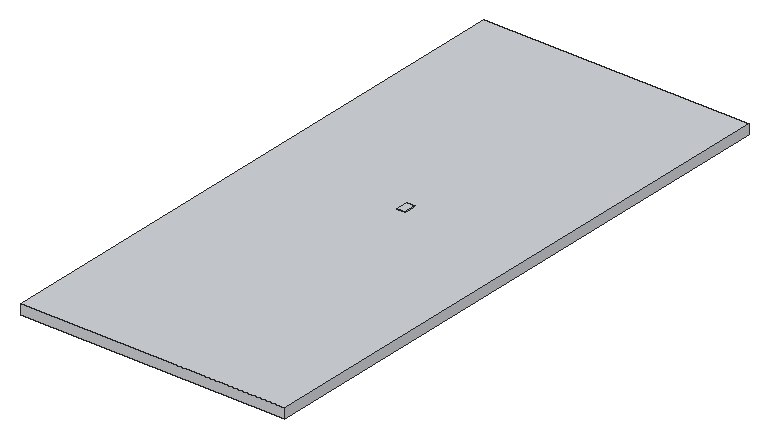
Revit family "M_Rectangular Face Opening Solid", category Generic Models, host Face, Revit 2022
Family settings
  Host = Face
  Can host rebar = No
  Round Connector Dimension = Use Diameter
  Part Type = Normal
  OmniClass Number = 23.30.00.00
  OmniClass Title = Openings, Passages, Protection
  Cut with Voids When Loaded = Yes
  Maintain Annotation Orientation = No
  Shared = No
  Room Calculation Point = No
Parameters (values of type "Rectangular Face Opening")
  isRotated [instance] = no
  h [instance] = 300 mm
  b [instance] = 200 mm
  U.K_#World [instance] = Opening Absolute Level - Height / 2  # -150 mm
  U.K_#Project [instance] = Opening Elevation - Height / 2  # -150 mm
  U.K_#Link [instance] = ##Middle Elevation - Height / 2  # -150 mm
  Slope Shift_Plan [instance] = Width_help / 2  # 100 mm
  Slope Shift_Front_Back [instance] = if(or(Rotate = 90.00°, Rotate = 270.00°), (Width_help - Additional Bottom Cut Offset + Additional Top Cut Offset) / 2, Width / 2)  # 100 mm
  Slope Shift_Left_Right [instance] = if(Slope = 0.00°, if(or(Rotate = 0.00°, Rotate = 180.00°), HT, Height_help / 2), (if(or(Rotate = 90.00°, Rotate = 270.00°), Width / cos(Slope) / 2 - (Depth with Offset * tan(Slope)), Height_help w_o add offsets / cos(Slope) / 2 - (Depth with Offset * tan(Slope)) + if(Additional Top Cut Offset > 0 mm, Additional Top Cut Offset / cos(Slope), 0 mm)))) + (tan(Slope) * Depth with Offset) + if(Rotate = 0.00°, Additional Bottom Cut Offset - Additional Top Cut Offset, 0 mm)  # 150 mm
  Width_help [instance] = if(or(Rotate = 90.00°, Rotate = 270.00°), Height, Width)  # 200 mm
  Subcategory = "Cut Opening"  # constant formula
  Slope_Help [instance] = if(Face Offset_True = 0 mm, 2 mm, 1 mm)  # 2 mm
  Slope [instance] = 0.00°  # constant formula
  Opening Elevation [instance] = 0 mm
  Opening Area [instance] = Width * Height  # 0.06 m²
  Opening Absolute Level [instance] = 0 mm
  MEP - Comment [instance] = ""
  Inspect [instance] = yes
  Height_help w_o add offsets [instance] = if(h > 2 mm, h + 2 * Cut Offset, 2 mm)  # 300 mm
  Width [instance] = if(b > 2 mm, b + 2 * Cut Offset, 2 mm)  # 200 mm
  Top Length [instance] = if(Face Offset_True = 0 mm, if(Lengthen / 1 * tan(Slope_T) < 2 mm, 0 mm, Lengthen / 1 * tan(Slope_T)), 0 mm)  # 0 mm
  Slope_T [instance] = if(and(not(Slope < 0.00°), Slope < 85.00°), Slope, 0.00°)  # 0.00°
  Rotate_T [instance] = -Rotate  # 0.00°
  Rotate [instance] = 0.00°  # constant formula
  Opening Offset Z [instance] = (-(Additional Top Cut Offset - Additional Bottom Cut Offset) / 2) * sin(Rotate)  # 0 mm
  Opening Offset X [instance] = (-(Additional Top Cut Offset - Additional Bottom Cut Offset) / 2) * cos(Rotate)  # 0 mm
  Lengthen [instance] = if(Height > Width, Height, Width)  # 300 mm
  Height_help [instance] = if(or(Rotate = 90.00°, Rotate = 270.00°), Width / cos(Slope), Height / cos(Slope))  # 300 mm
  HT [instance] = (h / 2 + 1 * Cut Offset + Additional Top Cut Offset) / sin(Angle)  # 150 mm
  HB [instance] = (h / 2 + 1 * Cut Offset + Additional Bottom Cut Offset) / sin(Angle)  # 150 mm
  Filled Region = yes
  Lines [instance] = not(Filled Region)  # no
  Face Offset_Positive [instance] = if(Face Offset_True > 0 mm, Face Offset_True, 0 mm)  # 0 mm
  Face Offset_Negative [instance] = if(Face Offset_True < 0 mm, -Face Offset_True, 0 mm)  # 0 mm
  Face Offset_True [instance] = if(Slope = 0.00°, Face Offset, 0 mm)  # 0 mm
  Face Offset [instance] = 0 mm  # constant formula
  Extrude End [instance] = -Depth_True  # -250 mm
  Detail - Yes / No [instance] = no
  Description = ""
  Depth_True [instance] = if(Depth with Offset + Face Offset_True > 2 mm, Depth with Offset + Face Offset_True, 2 mm)  # 250 mm
  Depth with Offset [instance] = Depth + Depth Offset  # 250 mm
  Depth Offset [instance] = 0 mm  # constant formula
  Depth [instance] = 250 mm
  Dashed Outline = yes
  Bottom Length [instance] = if(Depth with Offset > 2 mm, Depth with Offset / sin(Angle), 2 mm) + Lengthen / 1 * tan(Slope_T)  # 250 mm
  Height_True [instance] = Height / sin(Angle)  # 300 mm
  Height [instance] = if(h > 2.032 mm, h + 2 * Cut Offset + Additional Top Cut Offset + Additional Bottom Cut Offset, 2.032 mm)  # 300 mm
  Default Elevation = 0 mm
  Cut Offset [instance] = 0 mm  # constant formula
  BPM_txt2 [instance] = ""
  BPM_txt1 [instance] = ""
  BPM_bool2 [instance] = no
  BPM_bool1 [instance] = no
  Assembly Code = ""
  Angle [instance] = 90.00° - Slope_T  # 90.00°
  Additional Top Cut Offset [instance] = 0 mm  # constant formula
  Additional Bottom Cut Offset [instance] = 0 mm  # constant formula
  ##Reference Level [instance] = ""
  ##Middle Elevation [instance] = 0 mm
Reference planes
  plane 1 "Center (Front/Back)": y = 0
  plane 2: z = 0
  plane 3 "Center (Left/Right)": x = 0
  plane 4: x = -100
  plane 5: x = 100
  plane 6: y = -150
  plane 7: y = 150
  plane 8 "Graphical Elements Movement Help": y = -150
  plane 9 "Graphical Elements Movement Help 2": x = -100
  plane 10 "Face Offset_Negative": z = 0
  plane 11 "Face Offset_Positive": z = 0
  plane 12 "Graphical Elements Movement Help 3": x = 0
Forms (mm)
  Extrusion 1, solid
    sketch origin (0, 0, 0) x (1, 0, 0) y (0, 1, 0)
      loop
        line (-3545.185, 6900) -> (-3545.185, -7832.283) -> (3196.862, -7832.283) -> (3196.862, 6900) -> (-3545.185, 6900)
    from 0 to -250 <- "Extrude End"
  Sweep 2, solid
    path in 3D
      loop
        line (0, 0, -250) -> (0, 0, -2) -> (0, 0, 0)
    profile "Rertangular Profile : Rertangular Profile" origin (0, 0, -1) x (0, -1, 0) y (1, 0, 0)
      loop
        line (-150, 100) -> (-150, -100) -> (150, -100) -> (150, 100) -> (-150, 100)
Lines and regions (mm)
  reference lines
    curve 1: line (0, 0, -2) -> (0, 0, 0)
    curve 2: line (0, 0, -2) -> (0, 0, -250)
  sketch lines
    curve 3: line (0, 0, -2) -> (0, 0, 0)
    curve 4: line (0, 0, -2) -> (0, 0, -250)
Dimensions and locks
  equal spacing: plane 4, plane 3 "Center (Left/Right)", plane 5
  "Width": plane 4 to plane 5
  "Height_True": plane 7 to plane 6
  "Bottom Length": plane 2 to curve 2
  "Top Length": plane 10 "Face Offset_Negative" to curve 1
  "HT": plane 1 "Center (Front/Back)" to plane 7
  "HB": plane 1 "Center (Front/Back)" to plane 6
  plane 1 "Center (Front/Back)" to plane 8 "Graphical Elements Movement Help" = 150 mm
  "Slope Shift_Front_Back": plane 3 "Center (Left/Right)" to plane 9 "Graphical Elements Movement Help 2"
  "Face Offset_Positive": plane 11 "Face Offset_Positive" to plane 2
  "Face Offset_Negative": plane 11 "Face Offset_Positive" to plane 10 "Face Offset_Negative"
  "Slope_Help": plane 10 "Face Offset_Negative" to curve 1
  "Slope Shift_Left_Right": plane 8 "Graphical Elements Movement Help" to plane 1 "Center (Front/Back)"
  "Slope Shift_Plan": plane 9 "Graphical Elements Movement Help 2" to plane 12 "Graphical Elements Movement Help 3"
  "Width_help": plane 9 "Graphical Elements Movement Help 2" to nested 1
  "Width_help": plane 9 "Graphical Elements Movement Help 2" to nested 7
  "Angle": angle curve 2 to level
  "Angle": angle curve 1 to level
  aligned and locked: Extrusion 1 to plane 2
  aligned and locked: Extrusion 1 to level
  aligned and locked: plane 1 "Center (Front/Back)" to curve 2
  aligned and locked: plane 9 "Graphical Elements Movement Help 2" to nested 2
  aligned and locked: plane 9 "Graphical Elements Movement Help 2" to nested 4
  aligned and locked: nested 4 to plane 10 "Face Offset_Negative"
  aligned and locked: nested 2 to plane 10 "Face Offset_Negative"
  aligned and locked: nested 8 to plane 10 "Face Offset_Negative"
  aligned and locked: nested 6 to plane 8 "Graphical Elements Movement Help"
  aligned and locked: nested 6 to plane 10 "Face Offset_Negative"
  aligned and locked: nested 5 to plane 8 "Graphical Elements Movement Help"
  aligned and locked: nested 5 to plane 10 "Face Offset_Negative"
  aligned and locked: nested 9 to plane 8 "Graphical Elements Movement Help"
  aligned and locked: nested 9 to plane 10 "Face Offset_Negative"
  aligned and locked: nested 3 to plane 8 "Graphical Elements Movement Help"
  aligned and locked: plane 9 "Graphical Elements Movement Help 2" to nested 8
  aligned and locked: nested 3 to plane 12 "Graphical Elements Movement Help 3"
  aligned and locked: nested 1 to plane 8 "Graphical Elements Movement Help"
  aligned and locked: nested 7 to plane 8 "Graphical Elements Movement Help"
Automatic sketch dimensions
  Extrusion 1 sketch curve to Extrusion 1 sketch curve = 6742.047 mm
  Extrusion 1 sketch curve to Extrusion 1 sketch curve = 14732.283 mm
Nested families
  nested 1: "Opening Lines - Front" at (100, -150, 0) x (-1, 0, 0) z (0, 0, 1), Width_or_Height <- "Width_help", Depth <- "Height_help", visible <- "Lines", type "Standard"
    with Width_or_Height_True 200 mm, Width_or_Height 200 mm, Test Angle q 60.00°, Test Angle p 135.00°, Side Length 300 mm, Region Visible yes, built-in parameter 1001306 0.65617 (stored number, unit not read), Diagonal q 360.555 mm, Diagonal p 360.555 mm, Depth_True 300 mm, Depth 300 mm, Coeff2 1.5, Coeff1 0.66667, Angle_True 90.00°, Angle 90.00°
  nested 2: "Opening Region - Front" at (-100, 0, 0) x (1, 0, 0) z (0, -1, 0), Width_or_Height <- "Width_help", Depth <- "Depth_True", visible <- "Filled Region", type "Standard"
    with Width_or_Height_True 200 mm, Width_or_Height 200 mm, Test Angle q 72.00°, Test Angle p 112.50°, Side Length 250 mm, Region Visible yes, built-in parameter 1001306 0.65617 (stored number, unit not read), Diagonal q 320.156 mm, Diagonal p 320.156 mm, Depth_True 250 mm, Depth 250 mm, Coeff2 1.25, Coeff1 0.8, Angle_True 90.00°, Angle 90.00°
  nested 3: "Opening Region - Plan" at (0, -150, 0) x (-1, 0, 0) z (0, 0, 1), Width <- "Width_help", Depth_Height <- "Height_help", visible <- "Filled Region", type "Standard"
    with Width 200 mm, Depth_Height 300 mm, Depth_4 50 mm, Depth_2 100 mm
  nested 4: "Opening Lines - Front" at (-100, 0, 0) x (1, 0, 0) z (0, -1, 0), Width_or_Height <- "Width_help", Depth <- "Depth_True", visible <- "Lines", type "Standard"
    with Width_or_Height_True 200 mm, Width_or_Height 200 mm, Test Angle q 72.00°, Test Angle p 112.50°, Side Length 250 mm, Region Visible yes, built-in parameter 1001306 0.65617 (stored number, unit not read), Diagonal q 320.156 mm, Diagonal p 320.156 mm, Depth_True 250 mm, Depth 250 mm, Coeff2 1.25, Coeff1 0.8, Angle_True 90.00°, Angle 90.00°
  nested 5: "Opening Region - Front" at (0, -150, 0) x (0, 1, 0) z (1, 0, 0), Width_or_Height <- "Height_help", Depth <- "Depth_True", Angle <- "Angle", visible <- "Filled Region", type "Standard"
    with Width_or_Height_True 300 mm, Width_or_Height 300 mm, Test Angle q 108.00°, Test Angle p 75.00°, Side Length 250 mm, Region Visible yes, built-in parameter 1001306 0.98425 (stored number, unit not read), Diagonal q 390.512 mm, Diagonal p 390.512 mm, Depth_True 250 mm, Depth 250 mm, Coeff2 0.83333, Coeff1 1.2, Angle_True 90.00°, Angle 90.00°
  nested 6: "Opening Lines - Front" at (0, -150, 0) x (0, 1, 0) z (1, 0, 0), Width_or_Height <- "Height_help", Depth <- "Depth_True", Angle <- "Angle", visible <- "Lines", type "Standard"
    with Width_or_Height_True 300 mm, Width_or_Height 300 mm, Test Angle q 108.00°, Test Angle p 75.00°, Side Length 250 mm, Region Visible yes, built-in parameter 1001306 0.98425 (stored number, unit not read), Diagonal q 390.512 mm, Diagonal p 390.512 mm, Depth_True 250 mm, Depth 250 mm, Coeff2 0.83333, Coeff1 1.2, Angle_True 90.00°, Angle 90.00°
  nested 7: "Opening Outlines - Front" at (100, -150, 0) x (-1, 0, 0) z (0, 0, 1), Width_or_Height <- "Width_help", Depth <- "Height_help", visible <- "Dashed Outline", type "Standard"
    with Width_or_Height_True 200 mm, Width_or_Height 200 mm, Test Angle q 60.00°, Test Angle p 135.00°, Side Length 300 mm, Region Visible yes, built-in parameter 1001306 0.65617 (stored number, unit not read), Diagonal q 360.555 mm, Diagonal p 360.555 mm, Depth_True 300 mm, Depth 300 mm, Coeff2 1.5, Coeff1 0.66667, Angle_True 90.00°, Angle 90.00°
  nested 8: "Opening Outlines - Front" at (-100, 0, 0) x (1, 0, 0) z (0, -1, 0), Width_or_Height <- "Width_help", Depth <- "Depth_True", visible <- "Dashed Outline", type "Standard"
    with Width_or_Height_True 200 mm, Width_or_Height 200 mm, Test Angle q 72.00°, Test Angle p 112.50°, Side Length 250 mm, Region Visible yes, built-in parameter 1001306 0.65617 (stored number, unit not read), Diagonal q 320.156 mm, Diagonal p 320.156 mm, Depth_True 250 mm, Depth 250 mm, Coeff2 1.25, Coeff1 0.8, Angle_True 90.00°, Angle 90.00°
  nested 9: "Opening Outlines - Front" at (0, -150, 0) x (0, 1, 0) z (1, 0, 0), Width_or_Height <- "Height_help", Depth <- "Depth_True", Angle <- "Angle", visible <- "Dashed Outline", type "Standard"
    with Width_or_Height_True 300 mm, Width_or_Height 300 mm, Test Angle q 108.00°, Test Angle p 75.00°, Side Length 250 mm, Region Visible yes, built-in parameter 1001306 0.98425 (stored number, unit not read), Diagonal q 390.512 mm, Diagonal p 390.512 mm, Depth_True 250 mm, Depth 250 mm, Coeff2 0.83333, Coeff1 1.2, Angle_True 90.00°, Angle 90.00°
Definition of nested family "Opening Lines - Front"
  Parameters (values of type "Standard")
    Width_or_Height_True [instance] = if(Width_or_Height < 2 mm, 2 mm, if(or(0.5 * Diagonal q < 1 mm, 0.5 * Diagonal q < 1 mm), 2 mm, Width_or_Height))  # 15000 mm
    Width_or_Height [instance] = 15000 mm
    Test Angle q [instance] = Coeff1 * Angle  # 2700.00°
    Test Angle p [instance] = Coeff2 * Angle  # 3.00°
    Side Length [instance] = Depth / sin(Angle)  # 500 mm
    Region Visible [instance] = if(Angle < 20.00°, 1 = 0, if(or(Test Angle q < 3.00°, Test Angle p < 3.00°), 1 = 0, if(or(Width_or_Height < 2 mm, Depth < 2 mm), 1 = 0, if(or(0.5 * Diagonal q < 1 mm, 0.5 * Diagonal q < 1 mm), 1 = 0, 1 = 1))))  # yes
    built-in parameter 1001306 [instance] = Width_or_Height_True  # 49.213 (stored number, unit not read)
    Diagonal q [instance] = if(Angle < 90.00°, sqrt(Side Length ^ 2 + Width_or_Height ^ 2 + 2 * Width_or_Height * Side Length * cos(Angle)), sqrt(Side Length ^ 2 + Width_or_Height ^ 2 - 2 * Width_or_Height * Side Length * cos(Angle)))  # 15008.331 mm
    Diagonal p [instance] = if(Angle < 90.00°, sqrt(Side Length ^ 2 + Width_or_Height ^ 2 - 2 * Width_or_Height * Side Length * cos(Angle)), sqrt(Side Length ^ 2 + Width_or_Height ^ 2 + 2 * Width_or_Height * Side Length * cos(Angle)))  # 15008.331 mm
    Depth_True [instance] = if(or(Test Angle q < 2.00°, Test Angle p < 2.00°), Width_or_Height, if(Depth < 2 mm, 2 mm, if(or(0.5 * Diagonal q < 1 mm, 0.5 * Diagonal q < 1 mm), Width_or_Height_True, Depth)))  # 500 mm
    Depth [instance] = 500 mm
    Coeff2 [instance] = Depth / Width_or_Height  # 0.033333
    Coeff1 [instance] = Width_or_Height / Depth  # 30
    Angle_True [instance] = if(Angle < 20.00°, 90.00°, if(or(Test Angle q < 3.00°, Test Angle p < 3.00°), 90.00°, if(or(0.5 * Diagonal q < 1 mm, 0.5 * Diagonal q < 1 mm), 90.00°, Angle)))  # 90.00°
    Angle [instance] = 90.00°
  Reference planes
    plane 1 "Center (Front/Back)": y = 0
    plane 2: z = 0
    plane 3 "Left": x = 0
    plane 4 "Right": x = 15000
    plane 5 "Bottom center": y = -500
  Lines and regions (mm)
    reference lines, in view "Ref. Level"
      curve 1: line (0, 0, 0) -> (15000, 0, 0)
      curve 2: line (15000, 0, 0) -> (15000, -500, 0)
      curve 3: line (0, 0, 0) -> (0, -500, 0)
      curve 4: line (0, 0, 0) -> (15000, -500, 0)
      curve 5: line (0, -500, 0) -> (15000, 0, 0)
    detail lines, in view "Ref. Level"
      curve 6: line (15000, 0, 0) -> (0, -500, 0)
      curve 7: line (0, 0, 0) -> (15000, -500, 0)
  Dimensions and locks
    plane 3 "Left" to plane 4 "Right" = 15000 mm
    "Depth_True": plane 1 "Center (Front/Back)" to plane 5 "Bottom center"
    "Width_or_Height_True": plane 3 "Left" to plane 4 "Right"
    "Angle_True": angle plane 5 "Bottom center" to curve 2
    "Angle_True": angle plane 5 "Bottom center" to curve 3
    aligned and locked: plane 4 "Right" to curve 1
    aligned and locked: plane 3 "Left" to curve 1
    aligned and locked: curve 2 to plane 5 "Bottom center"
    aligned and locked: plane 1 "Center (Front/Back)" to curve 1
    aligned and locked: curve 5 to curve 6
    aligned and locked: curve 7 to curve 4  (x2)
    aligned and locked: curve 6 to curve 5
  Automatic sketch dimensions
    curve 5 to plane 5 "Bottom center" = 0 mm
    curve 6 to plane 5 "Bottom center" = 0 mm
    plane 1 "Center (Front/Back)" to curve 7 = 0 mm
    curve 7 to plane 5 "Bottom center" = 0 mm
    plane 1 "Center (Front/Back)" to curve 6 = 0 mm
Definition of nested family "Opening Region - Front"
  Parameters (values of type "Standard")
    Width_or_Height_True [instance] = if(Width_or_Height < 2 mm, 2 mm, if(or(0.5 * Diagonal q < 1 mm, 0.5 * Diagonal q < 1 mm), 2 mm, Width_or_Height))  # 11000 mm
    Width_or_Height [instance] = 11000 mm
    Test Angle q [instance] = Coeff1 * Angle  # 4950.00°
    Test Angle p [instance] = Coeff2 * Angle  # 1.63636°
    Side Length [instance] = Depth / sin(Angle)  # 200 mm
    Region Visible [instance] = if(Angle < 20.00°, 1 = 0, if(or(Test Angle q < 3.00°, Test Angle p < 3.00°), 1 = 0, if(or(Width_or_Height < 2 mm, Depth < 2 mm), 1 = 0, if(or(0.5 * Diagonal q < 1 mm, 0.5 * Diagonal q < 1 mm), 1 = 0, 1 = 1))))  # no
    built-in parameter 1001306 [instance] = Width_or_Height_True  # 36.089 (stored number, unit not read)
    Diagonal q [instance] = if(Angle < 90.00°, sqrt(Side Length ^ 2 + Width_or_Height ^ 2 + 2 * Width_or_Height * Side Length * cos(Angle)), sqrt(Side Length ^ 2 + Width_or_Height ^ 2 - 2 * Width_or_Height * Side Length * cos(Angle)))  # 11001.818 mm
    Diagonal p [instance] = if(Angle < 90.00°, sqrt(Side Length ^ 2 + Width_or_Height ^ 2 - 2 * Width_or_Height * Side Length * cos(Angle)), sqrt(Side Length ^ 2 + Width_or_Height ^ 2 + 2 * Width_or_Height * Side Length * cos(Angle)))  # 11001.818 mm
    Depth_True [instance] = if(or(Test Angle q < 2.00°, Test Angle p < 2.00°), Width_or_Height, if(Depth < 2 mm, 2 mm, if(or(0.5 * Diagonal q < 1 mm, 0.5 * Diagonal q < 1 mm), Width_or_Height_True, Depth)))  # 11000 mm
    Depth [instance] = 200 mm
    Coeff2 [instance] = Depth / Width_or_Height  # 0.018182
    Coeff1 [instance] = Width_or_Height / Depth  # 55
    Angle_True [instance] = if(Angle < 20.00°, 90.00°, if(or(Test Angle q < 3.00°, Test Angle p < 3.00°), 90.00°, if(or(0.5 * Diagonal q < 1 mm, 0.5 * Diagonal q < 1 mm), 90.00°, Angle)))  # 90.00°
    Angle [instance] = 90.00°
  Reference planes
    plane 1 "Center (Front/Back)": y = 0
    plane 2: z = 0
    plane 3 "Left": x = 0
    plane 4 "Right": x = 11000
    plane 5: y = -11000
  Lines and regions (mm)
    Filled region 1, type "Solid Fill - Black", in view "Ref. Level", visible <- "Region Visible"
      outline origin (0, 0, 0) x (1, 0, 0) y (0, 1, 0)
        loop
          line (11000, 0) -> (5500, -5500) -> (11000, -11000) -> (11000, 0)
    Filled region 2, type "Solid Fill - Black", in view "Ref. Level", visible <- "Region Visible"
      outline origin (0, 0, 0) x (1, 0, 0) y (0, 1, 0)
        loop
          line (0, 0) -> (0, -11000) -> (5500, -5500) -> (0, 0)
    reference lines, in view "Ref. Level"
      curve 1: line (0, 0, 0) -> (11000, 0, 0)
      curve 2: line (11000, 0, 0) -> (11000, -11000, 0)
      curve 3: line (0, 0, 0) -> (0, -11000, 0)
      curve 4: line (0, 0, 0) -> (11000, -11000, 0)
      curve 5: line (0, -11000, 0) -> (11000, 0, 0)
  Dimensions and locks
    plane 3 "Left" to plane 4 "Right" = 11000 mm  (x2)
    "Depth_True": plane 1 "Center (Front/Back)" to plane 5
    "Width_or_Height_True": plane 3 "Left" to plane 4 "Right"
    "Angle_True": angle plane 5 to curve 2
    "Angle_True": angle plane 5 to curve 3
    aligned and locked: plane 4 "Right" to curve 1
    aligned and locked: plane 3 "Left" to curve 1
    aligned and locked: curve 2 to plane 5
    aligned and locked: plane 1 "Center (Front/Back)" to curve 1
    aligned and locked: Filled region 2 sketch curve to curve 3
    aligned and locked: Filled region 2 sketch curve to curve 5
    aligned and locked: Filled region 2 sketch curve to curve 4
    aligned and locked: Filled region 1 sketch curve to curve 5
    aligned and locked: curve 4 to Filled region 1 sketch curve
    aligned and locked: Filled region 1 sketch curve to curve 2
  Automatic sketch dimensions
    curve 5 to plane 5 = 0 mm
Definition of nested family "Opening Region - Plan"
  Parameters (values of type "Standard")
    Width [instance] = 50 mm
    Depth_4 [instance] = if(Depth_Height < Width, Depth_Height / 4, Width / 4)  # 12.5 mm
    Depth_2 [instance] = if(Depth_Height < Width, Depth_Height / 2, Width / 2)  # 25 mm
    Depth_Height [instance] = 1500 mm
  Reference planes
    plane 1 "Center (Front/Back)": y = 0
    plane 2: z = 0
    plane 3 "Center (Left/Right)": x = 0
  Lines and regions (mm)
    Filled region 1, type "Concrete", in view "Ref. Level"
      outline origin (0, -260, 0) x (1, 0, 0) y (0, 1, 0)
        loop
          line (12.5, -1227.5) -> (-25, -1240) -> (25, -1240) -> (25, 260) -> (12.5, -1227.5)
  Dimensions and locks
    equal spacing: Filled region 1 sketch curve, plane 3 "Center (Left/Right)", Filled region 1 sketch curve
    "Width": Filled region 1 sketch curve to Filled region 1 sketch curve
    "Depth_Height": Filled region 1 sketch curve to plane 1 "Center (Front/Back)"
    "Depth_4": Filled region 1 sketch curve to Filled region 1 sketch curve  (x2)
    aligned and locked: plane 1 "Center (Front/Back)" to Filled region 1 sketch curve
Definition of nested family "Opening Outlines - Front"
  Parameters (values of type "Standard")
    Width_or_Height_True [instance] = if(Width_or_Height < 2 mm, 2 mm, if(or(0.5 * Diagonal q < 1 mm, 0.5 * Diagonal q < 1 mm), 2 mm, Width_or_Height))  # 20 mm
    Width_or_Height [instance] = 20 mm
    Test Angle q [instance] = Coeff1 * Angle  # 60.00°
    Test Angle p [instance] = Coeff2 * Angle  # 60.00°
    Side Length [instance] = Depth / sin(Angle)  # 23.094 mm
    Region Visible [instance] = if(Angle < 20.00°, 1 = 0, if(or(Test Angle q < 3.00°, Test Angle p < 3.00°), 1 = 0, if(or(Width_or_Height < 2 mm, Depth < 2 mm), 1 = 0, if(or(0.5 * Diagonal q < 1 mm, 0.5 * Diagonal q < 1 mm), 1 = 0, 1 = 1))))  # yes
    built-in parameter 1001306 [instance] = Width_or_Height_True  # 0.065617 (stored number, unit not read)
    Diagonal q [instance] = if(Angle < 90.00°, sqrt(Side Length ^ 2 + Width_or_Height ^ 2 + 2 * Width_or_Height * Side Length * cos(Angle)), sqrt(Side Length ^ 2 + Width_or_Height ^ 2 - 2 * Width_or_Height * Side Length * cos(Angle)))  # 37.353 mm
    Diagonal p [instance] = if(Angle < 90.00°, sqrt(Side Length ^ 2 + Width_or_Height ^ 2 - 2 * Width_or_Height * Side Length * cos(Angle)), sqrt(Side Length ^ 2 + Width_or_Height ^ 2 + 2 * Width_or_Height * Side Length * cos(Angle)))  # 21.713 mm
    Depth_True [instance] = if(or(Test Angle q < 2.00°, Test Angle p < 2.00°), Width_or_Height, if(Depth < 2 mm, 2 mm, if(or(0.5 * Diagonal q < 1 mm, 0.5 * Diagonal q < 1 mm), Width_or_Height_True, Depth)))  # 20 mm
    Depth [instance] = 20 mm
    Coeff2 [instance] = Depth / Width_or_Height  # 1
    Coeff1 [instance] = Width_or_Height / Depth  # 1
    Angle_True [instance] = if(Angle < 20.00°, 90.00°, if(or(Test Angle q < 3.00°, Test Angle p < 3.00°), 90.00°, if(or(0.5 * Diagonal q < 1 mm, 0.5 * Diagonal q < 1 mm), 90.00°, Angle)))  # 60.00°
    Angle [instance] = 60.00°
  Reference planes
    plane 1 "Center (Front/Back)": y = 0
    plane 2: z = 0
    plane 3 "Left": x = 0
    plane 4 "Right": x = 20
    plane 5 "Bottom center": y = -20
  Lines and regions (mm)
    reference lines, in view "Ref. Level"
      curve 1: line (0, 0, 0) -> (20, 0, 0)
      curve 2: line (20, 0, 0) -> (8.453, -20, 0)
      curve 3: line (0, 0, 0) -> (-11.547, -20, 0)
    detail lines, in view "Ref. Level"
      curve 4: line (-11.547, -20, 0) -> (0, 0, 0)
      curve 5: line (0, 0, 0) -> (20, 0, 0)
      curve 6: line (20, 0, 0) -> (8.453, -20, 0)
      curve 7: line (8.453, -20, 0) -> (-11.547, -20, 0)
  Dimensions and locks
    plane 3 "Left" to plane 4 "Right" = 20 mm
    "Depth_True": plane 1 "Center (Front/Back)" to plane 5 "Bottom center"
    "Width_or_Height_True": plane 3 "Left" to plane 4 "Right"
    "Angle_True": angle plane 5 "Bottom center" to curve 2
    "Angle_True": angle plane 5 "Bottom center" to curve 3
    aligned and locked: plane 4 "Right" to curve 1
    aligned and locked: plane 3 "Left" to curve 1
    aligned and locked: plane 5 "Bottom center" to curve 2
    aligned and locked: plane 1 "Center (Front/Back)" to curve 1
    aligned and locked: plane 1 "Center (Front/Back)" to curve 5
    aligned and locked: curve 6 to curve 2
    aligned and locked: plane 5 "Bottom center" to curve 7
    aligned and locked: curve 4 to curve 3
